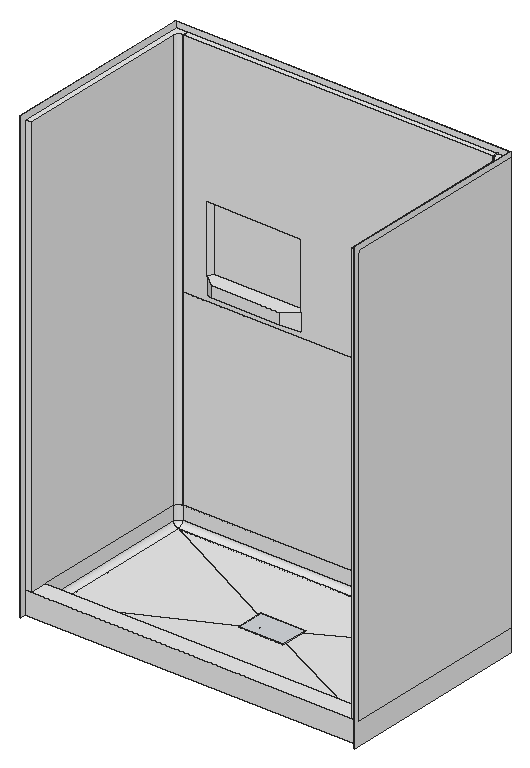
Revit family "5LRS6034SQ.V2", category Plumbing Fixtures, Revit 2019
Family settings
  Round Connector Dimension = Use Diameter
  Part Type = Normal
  OmniClass Number = 23.45.05.14.17
  OmniClass Title = Showers
  Work Plane-Based = No
  Always vertical = Yes
  Cut with Voids When Loaded = No
  Shared = No
  Room Calculation Point = No
Parameters (values of type "5LRS6034SQ.V2")
  Unit Width = 60"
  Unit Height = 80 1/2"
  Unit Depth = 35"
  URL = "http://www.bestbath.com/"
  Type Comments = "Remodeler"
  Model = "5LRS6034SQ.V2"
  Material [instance] = Best Bath Gelcoat Fiberglass - Smooth
  Manufacturer = "Best Bath Systems, Inc."
  Keynote = "22 40 00.B3"
  Description = "Real Tile Finish"
  Assembly Code = "D2010710"
Reference planes (in)
  plane 1 "Back": y = -0.5
  plane 2: z = 0
  plane 3 "Left": x = 0
  plane 4: x = 60
  plane 5: z = 4
  plane 6: x = 30
  plane 7: y = 33.5
  plane 8: y = 17.5
  plane 9: x = 1.25
  plane 10: x = 58.75
  plane 11: y = 32.25
  plane 12: z = 0.625
  plane 13: z = 0.25
  plane 14: y = -1.5
  plane 15: z = 5
  plane 16: z = 38.25
  plane 17: z = 42.25
  plane 18: z = 80.5
Forms (in)
  Extrusion 1, solid, material "Best Bath Gelcoat Fiberglass - Smooth"
    sketch origin (0, 0, 0) x (1, 0, 0) y (0, 1, 0)
      loop
        line (0, -0.5) -> (1.25, -0.5) -> (1.25, 31.25)
        arc (1.25, 31.25) -> (1.54289, 31.95711) -> (2.25, 32.25) r 1
        line (2.25, 32.25) -> (57.75, 32.25)
        arc (57.75, 32.25) -> (58.45711, 31.95711) -> (58.75, 31.25) r 1
        line (58.75, 31.25) -> (58.75, -0.5) -> (60, -0.5) -> (60, 33.5) -> (0, 33.5) -> (0, -0.5)
    from 0 to 4
  Extrusion 2, solid, material "Best Bath Gelcoat Fiberglass - Smooth"
    sketch origin (0, 0, 0) x (1, 0, 0) y (0, 1, 0)
      loop
        line (0, -0.5) -> (60, -0.5) -> (60, 33.5) -> (0, 33.5) -> (0, -0.5)
    from 0 to 0.625
  Sweep 3, solid, material "Best Bath Gelcoat Fiberglass - Smooth"
    path origin (0, 0, 0) x (1, 0, 0) y (0, 1, 0)
      loop
        line (58.75, -0.5) -> (58.75, 31.25)
        arc (58.75, 31.25) -> (58.45711, 31.95711) -> (57.75, 32.25) r 1
        line (57.75, 32.25) -> (2.25, 32.25)
        arc (2.25, 32.25) -> (1.54289, 31.95711) -> (1.25, 31.25) r 1
        line (1.25, 31.25) -> (1.25, -0.5)
    profile origin (1.25, 15.375, 0) x (1, 0, 0) y (0, 0, 1)
      loop
        line (0, 0.625) -> (0.9, 0.625)
        arc (0.9, 0.625) -> (0.2636, 0.8886) -> (0, 1.525) r 0.9
        line (0, 1.525) -> (0, 0.625)
  Blend 4, void
    base sketch origin (0, 0, 0) x (1, 0, 0) y (0, 1, 0)
      loop
        line (2.25, 3.5147) -> (57.75, 3.5147) -> (57.75, 31.25) -> (2.25, 31.25) -> (2.25, 3.5147)
    top sketch origin (0, 0, 0) x (1, 0, 0) y (0, 1, 0)
      loop
        circle (30, 17.5) r 0.10467
    from 0.625 to 0.25
  Sweep 5, solid, material "Best Bath Gelcoat Fiberglass - Smooth"
    path origin (0, 0, 0) x (1, 0, 0) y (0, 1, 0)
      loop
        line (1.25, -0.5) -> (58.75, -0.5)
    profile origin (30, -0.5, 0) x (0, 1, 0) y (0, 0, 1)
      loop
        line (0, 4) -> (0, 0) -> (4.11592, 0) -> (3.00305, 4) -> (0, 4)
  Extrusion 6, solid, material "Best Bath Gelcoat Fiberglass - Smooth"
    sketch origin (0, 0, 0) x (1, 0, 0) y (0, 1, 0)
      loop
        line (0, -1.5) -> (0.125, -1.5) -> (0.125, 33.375) -> (59.875, 33.375) -> (59.875, -1.5) -> (60, -1.5) -> (60, 33.5) -> (0, 33.5) -> (0, -1.5)
    from 5 to 80.5
  Extrusion 7, void
    sketch origin (0, 6, 0.625) x (0, 1, 0) y (1, 0, 0)
      loop
        line (14, 26) -> (14, 34) -> (9, 34) -> (9, 26) -> (14, 26)
    from 0 to 0.5
  Extrusion 8, void
    sketch origin (0, -4, 0.625) x (0, 1, 0) y (1, 0, 0)
      loop
        circle (21.5, 30) r 1.75
    from 0 to 1.25
  Extrusion 9, solid
    sketch origin (0.25, 2, 0.125) x (0, 1, 0) y (-1, 0, 0)
      loop
        line (18, -25.75) -> (13, -25.75) -> (13, -33.75) -> (18, -33.75) -> (18, -25.75)
    from 0 to 0.25
  Extrusion 10, solid, material "Best Bath Gelcoat Fiberglass - Smooth"
    sketch origin (0, -0.86165, 0) x (1, 0, 0) y (0, 1, 0)
      loop
        line (2.25, 34.36165) -> (2.25, 33.11165) -> (57.75, 33.11165) -> (57.75, 34.36165) -> (2.25, 34.36165)
    from 4 to 38.25
  Extrusion 11, solid, material "Best Bath Gelcoat Fiberglass - Smooth"
    sketch origin (0, -0.86165, 0) x (1, 0, 0) y (0, 1, 0)
      loop
        line (2.25, 33.11165) -> (57.75, 33.11165) -> (57.75, 34.36165) -> (2.25, 34.36165) -> (2.25, 33.11165)
    from 38.25 to 79.5
  Extrusion 12, solid, material "Best Bath Gelcoat Fiberglass - Smooth"
    sketch origin (0.25, -0.86165, 0) x (1, 0, 0) y (0, 1, 0)
      loop
        line (-0.25, 0.36165) -> (1, 0.36165) -> (1, 32.11165)
        arc (1, 32.11165) -> (1.29289, 32.81875) -> (2, 33.11165) r 1
        line (2, 33.11165) -> (2, 34.36165) -> (-0.25, 34.36165) -> (-0.25, 0.36165)
      loop
        line (59.75, 0.36165) -> (59.75, 34.36165) -> (57.5, 34.36165) -> (57.5, 33.11165)
        arc (57.5, 33.11165) -> (58.20711, 32.81875) -> (58.5, 32.11165) r 1
        line (58.5, 32.11165) -> (58.5, 0.36165) -> (59.75, 0.36165)
    from 4 to 79.5
  Blend 13, solid, material "Best Bath Gelcoat Fiberglass - Smooth"
    base sketch origin (-32.5625, -38.86165, -0.375) x (1, 0, 0) y (0, 0, 1)
      loop
        line (56, 42.625) -> (39, 42.625) -> (39, 39.625) -> (56, 39.625) -> (56, 42.625)
    top sketch origin (-32.5625, -38.86165, -0.375) x (1, 0, 0) y (0, 0, 1)
      loop
        line (41.375, 42.625) -> (41.375, 40.75) -> (53.625, 40.75) -> (53.625, 42.625) -> (41.375, 42.625)
    from -71.11165 to -69.36165
  Blend 14, void
    base sketch origin (-32.5625, -39.36165, -0.375) x (1, 0, 0) y (0, 0, 1)
      loop
        line (39, 42.625) -> (56, 42.625) -> (56, 54.625) -> (39, 54.625) -> (39, 42.625)
    top sketch origin (-32.5625, -39.36165, -0.375) x (1, 0, 0) y (0, 0, 1)
      loop
        line (40, 42.625) -> (55, 42.625) -> (55, 53.625) -> (40, 53.625) -> (40, 42.625)
    from -71.61165 to -73.86165
  Extrusion 15, solid, material "Best Bath Gelcoat Fiberglass - Smooth"
    sketch origin (0, 0, 0) x (1, 0, 0) y (0, 1, 0)
      loop
        line (0, 33.5) -> (0, -1.5) -> (0.125, -1.5) -> (0.125, 33.375) -> (59.875, 33.375) -> (59.875, -1.5) -> (60, -1.5) -> (60, 33.5) -> (0, 33.5)
    from 0 to 5
  Blend 16, solid, material "Best Bath Gelcoat Fiberglass - Smooth"
    base sketch origin (92.5625, -38.86165, -0.375) x (-1, 0, 0) y (0, 0, -1)
      loop
        line (56, -42.625) -> (56, -39.625) -> (39, -39.625) -> (39, -42.625) -> (56, -42.625)
    top sketch origin (92.5625, -38.86165, -0.375) x (-1, 0, 0) y (0, 0, -1)
      loop
        line (41.375, -42.625) -> (53.625, -42.625) -> (53.625, -40.75) -> (41.375, -40.75) -> (41.375, -42.625)
    from -71.11165 to -69.36165
  Blend 17, void
    base sketch origin (92.5625, -39.36165, -0.375) x (-1, 0, 0) y (0, 0, -1)
      loop
        line (39, -42.625) -> (39, -54.625) -> (56, -54.625) -> (56, -42.625) -> (39, -42.625)
    top sketch origin (92.5625, -39.36165, -0.375) x (-1, 0, 0) y (0, 0, -1)
      loop
        line (40, -42.625) -> (40, -53.625) -> (55, -53.625) -> (55, -42.625) -> (40, -42.625)
    from -71.61165 to -73.86165
Cuts and joins
  Blend 4, Extrusion 7, Extrusion 8 cuts Extrusion 1
  Blend 4, Extrusion 7, Extrusion 8 cuts Extrusion 2
  Blend 4, Extrusion 7, Extrusion 8 cuts Sweep 3
  Extrusion 7, Extrusion 8 cuts Sweep 5
  Extrusion 7, Extrusion 8 cuts Extrusion 6
  joined: Extrusion 1, Extrusion 2, Sweep 3, Sweep 5, Extrusion 6, Extrusion 15
  Blend 14, Blend 17 cuts Extrusion 11
  joined: Extrusion 11, Blend 13, Blend 16
Dimensions and locks (in)
  "Unit Width": plane 3 "Left" to plane 4
  plane 3 "Left" to plane 6 to plane 4 = 30", 30"
  locked: plane 7 to plane 11 at 1.25
  locked: plane 10 to plane 4 at 1.25
  locked: plane 3 "Left" to plane 9 at 1.25
  locked: plane 7 to plane 8 at 16
  locked: plane 12 to plane 13 at 0.375
  locked: plane 12 to level at 0.625
  locked: plane 14 to plane 1 "Back" at 1
  "Unit Depth": plane 7 to plane 14
  "Unit Height": plane 18 to level
  locked: plane 16 to plane 5 at 34.25
  locked: plane 17 to plane 5 at 38.25
  locked: plane 17 to Blend 16 sketch curve at 3
  locked: plane 17 to Blend 13 sketch curve at 3
  cut or joined group of Extrusion 11, Blend 13, Blend 14, Blend 16, Blend 17 to cut or joined group of Extrusion 11, Blend 13, Blend 14, Blend 16, Blend 17 = 3"  (x2)
  cut or joined group of Extrusion 11, Blend 13, Blend 14, Blend 16, Blend 17 to cut or joined group of Extrusion 11, Blend 13, Blend 14, Blend 16, Blend 17 = 1"  (x2)
  aligned and locked: level to plane 2
  aligned and locked: Sweep 3 to plane 12
  aligned and locked: Sweep 3 sketch curve to plane 12
  aligned and locked: Extrusion 2 to plane 12
  aligned and locked: plane 8 to Blend 4 sketch curve
  aligned and locked: plane 6 to Blend 4 sketch curve
  aligned and locked: Extrusion 2 to Blend 4
  aligned and locked: Blend 4 to plane 13
  aligned and locked: plane 5 to Extrusion 1
  aligned and locked: plane 5 to Sweep 5
  aligned and locked: Extrusion 9 to cut or joined group 1 (Extrusion 1, Extrusion 2, Sweep 3, Blend 4, Sweep 5, Extrusion 6, Extrusion 7, Extrusion 8, Extrusion 15)  (x3)
  aligned and locked: cut or joined group 1 to Extrusion 9
  aligned and locked: Extrusion 11 to Extrusion 10
  aligned and locked: Extrusion 15 to Extrusion 6
  aligned and locked: plane 18 to Extrusion 6
  aligned and locked: Blend 14 sketch curve to plane 17  (x2)
  aligned and locked: Extrusion 10 to Extrusion 11
  aligned and locked: Extrusion 11 to cut or joined group 1
  aligned and locked: Extrusion 11 to plane 16
  aligned and locked: plane 11 to Blend 13
  aligned and locked: Blend 14 to plane 11
  aligned and locked: plane 11 to Blend 16
  aligned and locked: Blend 17 to plane 11
  aligned and locked: cut or joined group 1 to Blend 14
  aligned and locked: Extrusion 11 sketch curve to plane 11
  aligned and locked: plane 7 to Extrusion 11 sketch curve
Automatic sketch dimensions
  Extrusion 1 sketch curve to plane 3 "Left" = 0"
  Extrusion 1 sketch curve to plane 9 = 0"
  Extrusion 1 sketch curve to plane 11 = 0"
  plane 1 "Back" to Extrusion 1 sketch curve = 0"  (x2)
  Extrusion 1 sketch curve to plane 10 = 0"
  Extrusion 1 sketch curve to plane 4 = 0"
  Extrusion 1 sketch curve to plane 7 = 0"
  plane 9 to Extrusion 1 sketch curve = 1"
  Extrusion 1 sketch curve to plane 10 = 1"
  Extrusion 2 sketch curve to plane 3 "Left" = 0"
  Extrusion 2 sketch curve to plane 4 = 0"
  plane 1 "Back" to Extrusion 2 sketch curve = 0"
  Extrusion 2 sketch curve to plane 7 = 0"
  plane 1 "Back" to Sweep 3 sketch curve = 0"  (x2)
  Sweep 3 sketch curve to plane 9 = 0"
  Sweep 3 sketch curve to plane 11 = 0"
  Sweep 3 sketch curve to plane 10 = 0"
  plane 9 to Sweep 3 sketch curve = 1"
  Sweep 3 sketch curve to Sweep 3 sketch curve = 1"
  profile plane to Sweep 3 sketch curve = 0"
  Sweep 3 sketch curve to profile plane = 0.9"
  plane 9 to Blend 4 sketch curve = 1"
  Blend 4 sketch curve to plane 10 = 1"
  Blend 4 sketch curve to plane 1 "Back" = 4.0147"
  Blend 4 sketch curve to plane 11 = 1"
  plane 1 "Back" to Sweep 5 sketch curve = 0"
  Sweep 5 sketch curve to plane 9 = 0"
  Sweep 5 sketch curve to plane 10 = 0"
  Sweep 5 sketch curve to level = 0"
  Sweep 5 sketch curve to profile plane = 0"
  Sweep 5 sketch curve to Sweep 5 sketch curve = 3.00305"
  Sweep 5 sketch curve to Sweep 5 sketch curve = 4.11592"
  level to Sweep 5 sketch curve = 4"
  Extrusion 6 sketch curve to plane 3 "Left" = 0"
  Extrusion 6 sketch curve to plane 14 = 0"  (x2)
  Extrusion 6 sketch curve to plane 4 = 0"
  Extrusion 6 sketch curve to plane 7 = 0"
  plane 3 "Left" to Extrusion 6 sketch curve = 1/8"
  plane 4 to Extrusion 6 sketch curve = 1/8"
  Extrusion 6 sketch curve to plane 7 = 1/8"
  Extrusion 7 sketch curve to Extrusion 2 = 15 1/2"
  Extrusion 7 sketch curve to Extrusion 7 sketch curve = 5"
  Extrusion 7 sketch curve to Extrusion 2 = 26"
  Extrusion 7 sketch curve to Extrusion 7 sketch curve = 8"
  Extrusion 8 sketch curve to Extrusion 2 = 16"
  Extrusion 8 sketch curve to Extrusion 2 = 30"
  Extrusion 9 sketch curve to Extrusion 7 = 0"  (x4)
  Extrusion 10 sketch curve to plane 11 = 0"
  Extrusion 10 sketch curve to plane 7 = 0"
  plane 9 to Extrusion 10 sketch curve = 1"
  Extrusion 10 sketch curve to plane 10 = 1"
  Extrusion 12 sketch curve to plane 3 "Left" = 0"
  plane 1 "Back" to Extrusion 12 sketch curve = 0"  (x2)
  Extrusion 12 sketch curve to plane 9 = 0"
  Extrusion 12 sketch curve to plane 11 = 0"  (x2)
  Extrusion 12 sketch curve to plane 7 = 0"  (x2)
  Extrusion 12 sketch curve to plane 10 = 0"
  Extrusion 12 sketch curve to plane 4 = 0"
  Extrusion 12 sketch curve to Extrusion 12 sketch curve = 1"
  Extrusion 12 sketch curve to plane 10 = 1"
  Blend 13 sketch curve to plane 17 = 0"  (x2)
  plane 9 to Blend 13 sketch curve = 5 3/16"
  plane 6 to Blend 13 sketch curve = 6 9/16"
  Blend 13 sketch curve to plane 17 = 1 7/8"
  plane 9 to Blend 13 sketch curve = 7 9/16"
  plane 6 to Blend 13 sketch curve = 8 15/16"
  plane 9 to Blend 14 sketch curve = 5 3/16"
  plane 6 to Blend 14 sketch curve = 6 9/16"
  Blend 14 sketch curve to Blend 14 sketch curve = 12"
  plane 9 to Blend 14 sketch curve = 6 3/16"
  plane 6 to Blend 14 sketch curve = 7 9/16"
  Blend 14 sketch curve to Blend 14 sketch curve = 11"
  Extrusion 15 sketch curve to plane 3 "Left" = 0"
  Extrusion 15 sketch curve to plane 14 = 0"  (x2)
  Extrusion 15 sketch curve to plane 4 = 0"
  Extrusion 15 sketch curve to plane 7 = 0"
  plane 3 "Left" to Extrusion 15 sketch curve = 1/8"
  plane 4 to Extrusion 15 sketch curve = 1/8"
  Extrusion 15 sketch curve to plane 7 = 1/8"
  Blend 16 sketch curve to plane 17 = 0"  (x2)
  Blend 16 sketch curve to plane 10 = 5 3/16"
  Blend 16 sketch curve to plane 6 = 6 9/16"
  Blend 16 sketch curve to plane 17 = 1 7/8"
  Blend 16 sketch curve to plane 10 = 7 9/16"
  Blend 16 sketch curve to plane 6 = 8 15/16"
  Blend 17 sketch curve to plane 17 = 0"  (x2)
  Blend 17 sketch curve to plane 10 = 5 3/16"
  Blend 17 sketch curve to plane 6 = 6 9/16"
  Blend 17 sketch curve to Blend 17 sketch curve = 12"
  Blend 17 sketch curve to plane 10 = 6 3/16"
  Blend 17 sketch curve to plane 6 = 7 9/16"
  Blend 17 sketch curve to Blend 17 sketch curve = 11"
  plane 9 to Extrusion 11 sketch curve = 1"
  Extrusion 11 sketch curve to plane 10 = 1"
  radius of Blend 4 sketch curve = 0.10467"
  radius of Extrusion 8 sketch curve = 1 3/4"
